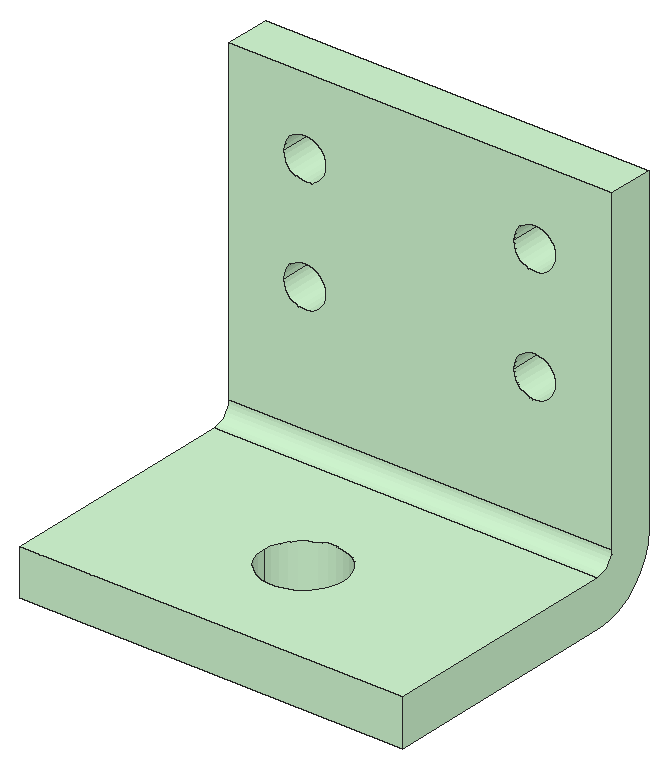
Revit family "L-t6.0×(50×40)×50L", category 機械設備, Revit 2020
Family settings
  丸型コネクタ寸法 = 直径を使用
  種別 = なし
  パーツ タイプ = 標準
  作業面ベース = いいえ
  常に垂直 = はい
  ロード時にボイドで切り取り = いいえ
  共有 = いいえ
  部屋計算ポイント = いいえ
Parameters
  製造元 = "株式会社桐井製作所"
  既定の高さ = 0 mm
  URL = "https://www.kirii.co.jp/"
  K_品名 = "L-t6.0×(50×40)×50L"
  K_名称 = "アングルピース"
  K_バージョン情報 = "20211012"
Reference planes
  plane 1 "中心(正面/背面)": y = 0
  plane 2: z = 0
  plane 3 "中心(左/右)": x = 0
Forms (mm)
  Extrusion 1, solid
    sketch origin (0, 0, 0) x (0, 1, 0) y (0, 0, 1)
      loop
        line (-6, 50) -> (-6, 8.3)
        arc (-6, 8.3) -> (-6.674, 6.674) -> (-8.3, 6) r 2.3
        line (-8.3, 6) -> (-40, 6) -> (-40, 0) -> (-8, 0)
        arc (-8, 0) -> (-2.343, 2.343) -> (0, 8) r 8
        line (0, 8) -> (0, 50) -> (-6, 50)
    from -25 to 25
  Extrusion 2, void
    sketch origin (0, 0, 0) x (1, 0, 0) y (0, 1, 0)
      loop
        circle (0, -25) r 5.25
    from 0 to 6
  Extrusion 3, void
    sketch origin (0, 0, 0) x (1, 0, 0) y (0, 0, 1)
      loop
        circle (-15, 40) r 2.75
      loop
        circle (15, 40) r 2.75
      loop
        circle (-15, 25) r 2.75
      loop
        circle (15, 25) r 2.75
    from 0 to 6
Cuts and joins
  Extrusion 2, Extrusion 3 cuts Extrusion 1
Dimensions and locks
  aligned and locked: level to plane 2
